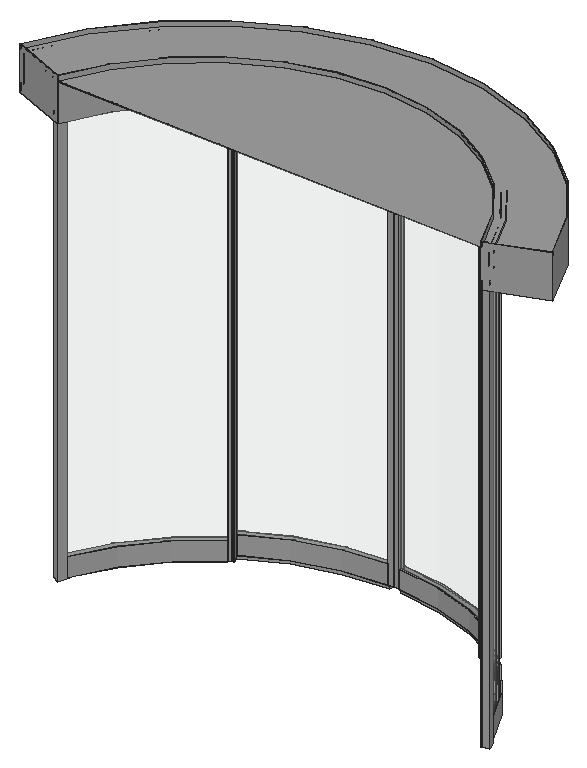
Revit family "agtatec_Record_SldngDrset_RST-ABST-IBST_Curtain Wall Panel", category Curtain Panels, Revit 2015
Parameters (values of type "ABST With Side Panels - 30 mm")
  WithoutSidePanels = not(WithSidePanels)  # no
  WithinStandardSizes = PassageHeight < 3000 mm  # yes
  WithSidePanels = yes
  Weight = "n/a"
  WarrantyStartDate [instance] = "12/31/00 11:59 PM"
  WarrantyGuarantorParts = "Local door manufacturer"
  WarrantyGuarantorLabour = "Local door manufacturer"
  WarrantyDurationUnit = "Depends on country"
  WarrantyDurationParts = "Depends on country"
  WarrantyDurationLabour = "Depends on country"
  WarrantyDescription = "Depends on country"
  WL = STRadius - H  # 438.986 mm
  W = if((asin(A / (2 * (STRadius - STWidth - Distance - TFWidth)))) * 2 + SWAdd > 90.00°, ((90.00° - SWAdd) / 2), (asin(A / (2 * (STRadius - STWidth - Distance - TFWidth)))))  # 32.3924°
  Version = "Version 1.0"
  Uniclass2 = "Ss_25_30_20_77"
  UnderStructure = no
  URL = "www.agta-record.com"
  Type Comments = ""
  TotalHeight = PassageHeight + CanopyHeight  # 2320 mm
  ThresholdStripping = "n/a"
  ThresholdRequired = yes
  ThermalTransmittance = 0
  TagNumber [instance] = "n/a"
  TFWidth = STWidth  # 30 mm
  TFDichtung = STWidth  # 30 mm
  SustainabilityPerformance = "n/a"
  SmokeStop = no
  Size = "XxxXXxXX"
  Shape = "Half-Cylinder Shaped"
  ServiceLifeType = "n/a"
  ServiceLifeDuration = "10-15 years"
  SerialNumber [instance] = "n/a"
  SelfClosing = yes
  SecurityRating = "n/a"
  SafetyDevices = "Optical sensors"
  SWAdd = if(IBST, (TFDichtung + 50 mm) * 180.00° / (pi() * (STRadius - STWidth - Distance - TFWidth)), (TFDichtung + 50 mm) * 180.00° / (pi() * (STRadius + Distance)))  # 3.7571°
  SW = if(IBST, (W + ((TFDichtung + 50 mm) * 180.00° / (pi() * (STRadius - STWidth - Distance - TFWidth)))), if(RST180, (90.00° - W), if(RST360, (90.00° - W), (W + ((TFDichtung + 50 mm) * 180.00° / (pi() * (STRadius + Distance)))))))  # 36.1495°
  STWidth = if(Panel20mm, 20 mm, 30 mm)  # 30 mm
  STRadius = 1200 mm
  Revision = "n/a"
  ReplacementCost = "Depends on the configuration and door type"
  ReferenceStandard = "EN16005, EN16361, DIN 18650, etc."
  Reference = "n/a"
  RST360 = no
  RST180 = no
  ProductionYear = "n/a"
  ProductInformation = "www.agta-record.com"
  Process = "n/a"
  PassageWidthOptions = "contact manufacturer"
  PassageWidth = 1200 mm
  PassageHeight = 2100 mm
  PanelFrames = agtatec_Record_Revolving Door, Aluminium
  Panel30mm = not(Panel20mm)  # yes
  Panel20mm = no
  OperatingTemperature = "n/a"
  OpenDoor = no
  OffsetFromWallCenter [instance] = 0 mm
  OffsetFromWall [instance] = OffsetFromWallCenter + 1000 mm  # 1000 mm
  NominalWidth = 1840.2 mm
  NominalLength = 1840.2 mm
  NominalHeight = TotalHeight  # 2320 mm
  Name = "SldngDrset_ABST Circular-slidingDoor_Generic_Record"
  NBSTypeID = "n/a"
  NBSReference = "25-50-20/175"
  NBSOfficeMasterTag = "n/a"
  NBSNote = "n/a"
  NBSDescription = "Sliding Doorset"
  NBSCertification = "n/a"
  MountingProfile39mm = not(MountingProfile17mm)  # no
  MountingProfile17mm = yes
  ModelReference = "depends on the configuration"
  ModelNumber = "n/a"
  ModelLabel = "n/a"
  Model = "K31"
  MethodOfMeasurement = "n/a"
  Material = "Aluminium"
  ManufacturerURL = "www.agta-record.com"
  ManufacturerName = "record"
  Manufacturer = "info@agta-record.com"
  LeafPanelFill = agtatec_Record_Revolving Door, Laminated Safety Glass (Clear)
  LeafColourOptions = "n/a"
  Keynote = ""
  IssueDate = "<>"
  IsExternal = yes
  InstallationDate [instance] = "12/31/00 11:59 PM"
  Infiltration = "n/a"
  IfcExportType = "Door"
  IfcExportAs = "IFCDoorStyle"
  IBST = no
  HeightUnderCanopyOptions = "2200-3000"
  HasDrive = yes
  HandicapAccessible = no
  H = STRadius * (1 - cos(W + SW))  # 761.014 mm
  Grade = "n/a"
  GlazingAreaFraction = "n/a"
  GlassType = "part of glazing spec"
  GlassThickness3 = 0 mm
  GlassThickness2 = 0 mm
  GlassThickness1 = 0 mm
  GlassLayers = 1
  FrameSeal = yes
  FrameProfile = "Aluminium"
  FrameMaterial = "Aluminium"
  FrameFinishOptions = "Stainless steel and more"
  Flooring = agtatec_Record_Revolving Door, Felt Carpet
  FloorGuide = yes
  FloorChannel = no
  FireRating = "n/a"
  FireExit = no
  Finish = "Powder coated, Anodized, customer specific"
  Features = "Air curtain"
  ExpectedLife = "n/a"
  ElectronicLock = yes
  DurationUnit = "Year"
  DrumWallPanelFill = agtatec_Record_Revolving Door, Laminated Safety Glass (Clear)
  DoorsetOptions = "n/a"
  DoorsetOperation = "automatic"
  DoorsetFasteners = "n/a"
  DoorWingOptions = "3 wings"
  DoorSeal = "n/a"
  DoorNumber = "n/a"
  DoorIncluded = yes
  Documentation = "n/a"
  DocumentReference = "n/a"
  Distance = 20 mm  # constant formula
  DiameterOptions = "n/a"
  Description = "Curved Sliding Door"
  Cost = 0
  Construction Type = "Automatic Revolving Door"
  Constituents = "n/a"
  Configuration = "n/a"
  Colour = "Customer specific"
  CodePerformance = "n/a"
  Category = "Curved Sliding Door"
  Capacity = "n/a"
  CanopyHeightOptions = "200-1000"
  CanopyHeight = 220 mm
  CanopyCovering = agtatec_Record_Revolving Door, Sheet metal (Painted Steel)
  BarCode [instance] = "n/a"
  BIMObjectName = "agtatec_Record_SldngDrset_ABST Circular-slidingDoor_WallBased"
  Author = "agtatec"
  AssetType = "n/a"
  AssetIdentifier [instance] = "n/a"
  Assembly Code = "B2030300"
  AntiFingerTrapRequirement = yes
  AlternativeDoorsetGlazing = "Contact manufacturer"
  AcousticRating = "n/a"
  AccessoryOptions = "Contact manufacturer"
  AccessibilityPerformance = "n/a"
  ABST = yes
  A = if(PassageWidth < 800 mm, 800 mm, if(PassageWidth > 3000 mm, 3000 mm, PassageWidth))  # 1200 mm
Reference planes
  plane 1 "Center (Front/Back)": y = 0
  plane 2: z = 0
  plane 3 "Center (Left/Right)": x = 0
  plane 4 "Left": x = -1060
  plane 5 "Right": x = 1060
  plane 6 "Top": z = 2595
  plane 7: y = -438.986
  plane 8: y = -438.986
  plane 9: y = -1438.986
Text (mm)
  text "Exterior" at (-2351.972, 1416.179, 0), in view "Ref. Level"
  text "Exterior" at (0, 2290.741, 4406.713), in view "Left"
  text "Exterior" at (0, 1328.187, 4120.349), in view "Right"
Dimensions and locks
  equal spacing: plane 4 "Left", plane 3 "Center (Left/Right)", plane 5 "Right"
  "WL": plane 1 "Center (Front/Back)" to plane 7
  locked: plane 7 to plane 9 at 1000
  "OffsetFromWall": plane 8 to plane 9
  aligned and locked: nested 1 to plane 8
Nested families
  nested 1: "RST - Generic" at (0, -438.986, 0), type "Standard"
    with WL 425.817 mm, W 32.3924°, UnderStructure no, SWAdd 3.7571°, SW 36.1495°, STRadiusABSTCanopy 1170 mm, STRadius 1200 mm, PassageWidth 1200 mm, H 761.014 mm, FloorGuide yes, CanopyRoofRadius 1164 mm, A 1200 mm
Definition of nested family "RST - Generic"
  Parameters
    WithoutSidePanels = not(WithSidePanels)  # no
    WithSidePanels = yes
    Width = 0 mm
    WL = (sin(90.00° - W - SW)) * CanopyRoofRadius  # 324.401 mm
    W = if((asin(A / (2 * (STRadius - STWidth - Distance - TFWidth)))) * 2 + SWAdd > 90.00°, ((90.00° - SWAdd) / 2), (asin(A / (2 * (STRadius - STWidth - Distance - TFWidth)))))  # 32.9207°
    UnderStructure = yes
    Thickness = 0 mm
    TFWidth = STWidth  # 30 mm
    TFDichtung = STWidth  # 30 mm
    SWAdd = if(IBST, (TFDichtung + 50 mm) * 180.00° / (pi() * (STRadius - STWidth - Distance - TFWidth)), (TFDichtung + 50 mm) * 180.00° / (pi() * (STRadius + Distance)))  # 4.49379°
    SW = if(IBST, (W + ((TFDichtung + 50 mm) * 180.00° / (pi() * (STRadius - STWidth - Distance - TFWidth)))), if(RST180, (90.00° - W), if(RST360, (90.00° - W), (W + ((TFDichtung + 50 mm) * 180.00° / (pi() * (STRadius + Distance)))))))  # 37.4145°
    STWidth = if(Panel20mm, 20 mm, 30 mm)  # 30 mm
    STRadiusABSTCanopy = STRadius - STWidth  # 970 mm
    STRadius = 1000 mm
    Rough Width = 0 mm
    Rough Height = 0 mm
    RST36030 = and(RST360, STWidth = 30 mm)  # no
    RST36020 = and(RST360, STWidth = 20 mm)  # no
    RST360 = no
    RST18030 = and(RST180, STWidth = 30 mm)  # no
    RST18020 = and(RST180, STWidth = 20 mm)  # no
    RST180 = no
    PassageWidth = 1000 mm
    PassageHeight = 2100 mm
    PanelFrames = none
    Panel30mm = not(Panel20mm)  # yes
    Panel20mm = no
    OpenDoor = no
    MountingProfile39mm = not(MountingProfile17mm)  # no
    MountingProfile17mm = yes
    LeafPanelFill = none
    IBSTWithout30 = and(IBST, WithoutSidePanels, STWidth = 30 mm)  # no
    IBSTWithout20 = and(IBST, WithoutSidePanels, STWidth = 20 mm)  # no
    IBSTWith30 = and(IBST, WithSidePanels, STWidth = 30 mm)  # no
    IBSTWith20 = and(IBST, WithSidePanels, STWidth = 20 mm)  # no
    IBST = no
    Height = 0 mm
    H = STRadius * (1 - cos(W + SW))  # 663.484 mm
    FloorGuide = no
    FloorChannel = no
    Distance = 20 mm
    Construction Type = ""
    CanopyRoofRadius = if(and(IBST, WithSidePanels), STRadius - 300 mm, if(and(ABST, WithSidePanels), STRadius - 36 mm, if(and(IBST, WithoutSidePanels, Panel20mm), STRadius - 297.2 mm, if(and(IBST, WithoutSidePanels, Panel30mm), STRadius - 297 mm, STRadius))))  # 964 mm
    CanopyRoof = or(ABST, IBST)  # yes
    CanopyHeight = 220 mm
    CanopyCovering = none
    Analytic Construction = "<None>"
    ABSTWithout30 = and(ABST, WithoutSidePanels, STWidth = 30 mm)  # no
    ABSTWithout20 = and(ABST, WithoutSidePanels, STWidth = 20 mm)  # no
    ABSTWith30 = and(ABST, WithSidePanels, STWidth = 30 mm)  # yes
    ABSTWith20 = and(ABST, WithSidePanels, STWidth = 20 mm)  # no
    ABST = yes
    A = if(PassageWidth < 800 mm, 800 mm, if(PassageWidth > 3000 mm, 3000 mm, PassageWidth))  # 1000 mm
  Reference planes
    plane 1 "Center (Front/Back)": y = 0
    plane 2: z = 0
    plane 3 "Center (Left/Right)": x = 0
    plane 4: y = 1000
    plane 5: x = 1000
    plane 6: x = 1002
    plane 7: x = -1000
    plane 8: x = -1002
    plane 9: x = 1000
    plane 10: x = 1002
    plane 11: x = -1000
    plane 12: x = -1002
    plane 13 "Passage Height": z = 2100
    plane 14: x = 1000
    plane 15: x = 997
    plane 16: x = -1000
    plane 17: x = -997
    plane 18: x = -1000
    plane 19: x = -997
    plane 20: x = 1000
    plane 21: x = 997
  Forms (mm)
    Sweep 1, solid, material <- "CanopyCovering", visible <- "IBSTWith20"
      path origin (0, 1560, 2100) x (0, 1, 0) y (-1, 0, 0)
        loop
          arc (-1223.484, -941.678) -> (-560, 0) -> (-1223.484, 941.678) r 1000
      profile origin (0, 1000, 2100) x (0, -1, 0) y (0, 0, 1)
        loop
          line (37.306, 178.526) -> (54.3, 178.526) -> (54.3, 193) -> (274.2, 193) -> (274.2, 50) -> (298, 50) -> (298, 5) -> (71.8, 5) -> (71.8, 2) -> (298, 2) -> (298, 0) -> (300, 0) -> (300, 220) -> (298, 220) -> (298, 197) -> (2, 197) -> (2, 220) -> (0, 220) -> (0, 0) -> (2, 0) -> (2, 50) -> (25.8, 50) -> (25.8, 44) -> (23, 44) -> (23, 28) -> (28.8, 28) -> (28.8, 88) -> (25.8, 88) -> (25.8, 106.81) -> (54.318, 106.81) -> (54.318, 121.274) -> (37.281, 121.274) -> (37.306, 115.3) -> (32.8, 115.3) -> (32.8, 184.5) -> (37.306, 184.5) -> (37.306, 178.526)
    Sweep 2, solid, material <- "CanopyCovering", visible <- "IBSTWithout20"
      path origin (0, 1560, 2100) x (0, 1, 0) y (-1, 0, 0)
        loop
          arc (-1223.484, -941.678) -> (-560, 0) -> (-1223.484, 941.678) r 1000
      profile origin (0, 1000, 2100) x (0, -1, 0) y (0, 0, 1)
        loop
          line (34.506, 178.526) -> (51.5, 178.526) -> (51.5, 193) -> (271.4, 193) -> (271.4, 50) -> (295.2, 50) -> (295.2, 5) -> (69, 5) -> (69, 2) -> (295.2, 2) -> (295.2, 0) -> (297.2, 0) -> (297.2, 220) -> (295.2, 220) -> (295.2, 197) -> (23, 197) -> (23, 106.81) -> (51.518, 106.81) -> (51.518, 121.274) -> (34.481, 121.274) -> (34.506, 115.3) -> (30, 115.3) -> (30, 184.5) -> (34.506, 184.5) -> (34.506, 178.526)
        loop
          line (40, 8) -> (38, 8) -> (38, 2) -> (26, 2) -> (26, 20) -> (23, 20) -> (23, 0) -> (40, 0) -> (40, 8)
    Sweep 3, solid, material <- "CanopyCovering", visible <- "IBSTWith30"
      path origin (0, 1560, 2100) x (0, 1, 0) y (-1, 0, 0)
        loop
          arc (-1223.484, -941.678) -> (-560, 0) -> (-1223.484, 941.678) r 1000
      profile origin (0, 1000, 2100) x (0, -1, 0) y (0, 0, 1)
        loop
          line (37.306, 178.526) -> (54.3, 178.526) -> (54.3, 193) -> (274.2, 193) -> (274.2, 50) -> (298, 50) -> (298, 5) -> (91.8, 5) -> (91.8, 2) -> (298, 2) -> (298, 0) -> (300, 0) -> (300, 220) -> (298, 220) -> (298, 197) -> (2, 197) -> (2, 220) -> (0, 220) -> (0, 0) -> (2, 0) -> (2, 50) -> (30.816, 50) -> (33, 44) -> (33, 26) -> (37, 26) -> (37, 44.705) -> (29.8, 64.487) -> (29.8, 106.81) -> (54.318, 106.81) -> (54.318, 121.274) -> (37.281, 121.274) -> (37.306, 115.3) -> (32.8, 115.3) -> (32.8, 184.5) -> (37.306, 184.5) -> (37.306, 178.526)
    Sweep 4, solid, material <- "CanopyCovering", visible <- "IBSTWithout30"
      path origin (0, 1560, 2100) x (0, 1, 0) y (-1, 0, 0)
        loop
          arc (-1223.484, -941.678) -> (-560, 0) -> (-1223.484, 941.678) r 1000
      profile origin (0, 1000, 2100) x (0, -1, 0) y (0, 0, 1)
        loop
          line (34.306, 178.526) -> (51.3, 178.526) -> (51.3, 193) -> (271.2, 193) -> (271.2, 50) -> (295, 50) -> (295, 5) -> (184.7, 5) -> (172.7, 5) -> (78.8, 5) -> (78.8, 2) -> (295, 2) -> (295, 0) -> (297, 0) -> (297, 220) -> (295, 220) -> (295, 197) -> (22.8, 197) -> (22.8, 106.81) -> (51.318, 106.81) -> (51.318, 121.274) -> (34.281, 121.274) -> (34.306, 115.3) -> (29.8, 115.3) -> (29.8, 184.5) -> (34.306, 184.5) -> (34.306, 178.526)
        loop
          line (39.8, 8) -> (37.8, 8) -> (37.8, 2) -> (25.8, 2) -> (25.8, 20) -> (22.8, 20) -> (22.8, 0) -> (39.8, 0) -> (39.8, 8)
    Sweep 5, solid, material <- "CanopyCovering", visible <- "ABSTWith20"
      path origin (0, 1560, 2100) x (0, 1, 0) y (-1, 0, 0)
        loop
          arc (-1233.58, -913.427) -> (-590, 0) -> (-1233.58, 913.427) r 970
      profile origin (0, 970, 2100) x (0, -1, 0) y (0, 0, 1)
        loop
          line (-31.306, 178.526) -> (-31.306, 184.5) -> (-26.8, 184.5) -> (-26.8, 115.3) -> (-31.306, 115.3) -> (-31.281, 121.274) -> (-48.318, 121.274) -> (-48.318, 106.81) -> (-19.8, 106.81) -> (-19.8, 88) -> (-22.8, 88) -> (-22.8, 28) -> (-17, 28) -> (-17, 44) -> (-19.8, 44) -> (-19.8, 50) -> (4, 50) -> (4, 0) -> (6, 0) -> (6, 220) -> (4, 220) -> (4, 197) -> (-292, 197) -> (-292, 220) -> (-294, 220) -> (-294, 0) -> (-292, 0) -> (-292, 2) -> (-65.8, 2) -> (-65.8, 5) -> (-292, 5) -> (-292, 50) -> (-268.2, 50) -> (-268.2, 193) -> (-48.3, 193) -> (-48.3, 178.526) -> (-31.306, 178.526)
    Sweep 6, solid, material <- "CanopyCovering", visible <- "ABSTWith30"
      path origin (0, 1560, 2100) x (0, 1, 0) y (-1, 0, 0)
        loop
          arc (-1233.58, -913.427) -> (-590, 0) -> (-1233.58, 913.427) r 970
      profile origin (0, 970, 2100) x (0, -1, 0) y (0, 0, 1)
        loop
          line (-31.306, 178.526) -> (-31.306, 184.5) -> (-26.8, 184.5) -> (-26.8, 115.3) -> (-31.306, 115.3) -> (-31.281, 121.274) -> (-48.318, 121.274) -> (-48.318, 106.81) -> (-23.8, 106.81) -> (-23.8, 64.487) -> (-31, 44.705) -> (-31, 26) -> (-27, 26) -> (-27, 44) -> (-24.816, 50) -> (4, 50) -> (4, 0) -> (6, 0) -> (6, 220) -> (4, 220) -> (4, 197) -> (-292, 197) -> (-292, 220) -> (-294, 220) -> (-294, 0) -> (-292, 0) -> (-292, 2) -> (-85.8, 2) -> (-85.8, 5) -> (-292, 5) -> (-292, 50) -> (-268.2, 50) -> (-268.2, 193) -> (-48.3, 193) -> (-48.3, 178.526) -> (-31.306, 178.526)
    Sweep 7, solid, material <- "CanopyCovering", visible <- "ABSTWithout20"
      path origin (0, 1560, 2100) x (0, 1, 0) y (-1, 0, 0)
        loop
          arc (-1233.58, -913.427) -> (-590, 0) -> (-1233.58, 913.427) r 970
      profile origin (0, 970, 2100) x (0, -1, 0) y (0, 0, 1)
        loop
          line (-31.506, 178.526) -> (-31.506, 184.5) -> (-27, 184.5) -> (-27, 115.3) -> (-31.506, 115.3) -> (-31.481, 121.274) -> (-48.518, 121.274) -> (-48.518, 106.81) -> (-20, 106.81) -> (-20, 197) -> (-292.2, 197) -> (-292.2, 220) -> (-294.2, 220) -> (-294.2, 0) -> (-292.2, 0) -> (-292.2, 2) -> (-66, 2) -> (-66, 5) -> (-292.2, 5) -> (-292.2, 50) -> (-268.4, 50) -> (-268.4, 193) -> (-48.5, 193) -> (-48.5, 178.526) -> (-31.506, 178.526)
        loop
          line (-37, 8) -> (-37, 0) -> (-20, 0) -> (-20, 20) -> (-23, 20) -> (-23, 2) -> (-35, 2) -> (-35, 8) -> (-37, 8)
    Sweep 8, solid, material <- "CanopyCovering", visible <- "ABSTWithout30"
      path origin (0, 1560, 2100) x (0, 1, 0) y (-1, 0, 0)
        loop
          arc (-1233.58, -913.427) -> (-590, 0) -> (-1233.58, 913.427) r 970
      profile origin (0, 970, 2100) x (0, -1, 0) y (0, 0, 1)
        loop
          line (-41.506, 178.526) -> (-41.506, 184.5) -> (-37, 184.5) -> (-37, 115.3) -> (-41.506, 115.3) -> (-41.481, 121.274) -> (-58.518, 121.274) -> (-58.518, 106.81) -> (-30, 106.81) -> (-30, 197) -> (-302.2, 197) -> (-302.2, 220) -> (-304.2, 220) -> (-304.2, 0) -> (-302.2, 0) -> (-302.2, 2) -> (-86, 2) -> (-86, 5) -> (-179.9, 5) -> (-191.9, 5) -> (-302.2, 5) -> (-302.2, 50) -> (-278.4, 50) -> (-278.4, 193) -> (-58.5, 193) -> (-58.5, 178.526) -> (-41.506, 178.526)
        loop
          line (-47, 8) -> (-47, 0) -> (-30, 0) -> (-30, 20) -> (-33, 20) -> (-33, 2) -> (-45, 2) -> (-45, 8) -> (-47, 8)
    Revolve 9, solid, material <- "CanopyCovering", visible <- "RST18020"
      sketch origin (0, 0, 1500) x (0, 1, 0) y (0, 0, 1)
        loop
          line (962.694, 778.526) -> (962.694, 784.5) -> (967.2, 784.5) -> (967.2, 715.3) -> (962.694, 715.3) -> (962.719, 721.274) -> (945.682, 721.274) -> (945.682, 706.81) -> (974.2, 706.81) -> (974.2, 688) -> (971.2, 688) -> (971.2, 628) -> (977, 628) -> (977, 644) -> (974.2, 644) -> (974.2, 650) -> (998, 650) -> (998, 600) -> (1000, 600) -> (1000, 820) -> (998, 820) -> (998, 797) -> (0, 797) -> (0, 793) -> (945.7, 793) -> (945.7, 778.526) -> (962.694, 778.526)
        loop
          line (0, 605) -> (0, 602) -> (928.2, 602) -> (928.2, 605) -> (0, 605)
        axis (0, 600) -> (0, 820)
      angle from -90 to 90
    Sweep 10, solid, material <- "CanopyCovering", visible <- "RST18020"
      path origin (0, 1560, 2100) x (0, 1, 0) y (-1, 0, 0)
        loop
          line (-1560, -997) -> (-1560, 997)
      profile origin (0, 0, 2100) x (0, -1, 0) y (0, 0, 1)
        loop
          line (-25.8, 197) -> (-25.8, 50) -> (-2, 50) -> (-2, 0) -> (0, 0) -> (0, 220) -> (-2, 220) -> (-2, 197) -> (-25.8, 197)
    Revolve 11, solid, material <- "CanopyCovering", visible <- "RST36020"
      sketch origin (0, 0, 1500) x (0, 1, 0) y (0, 0, 1)
        loop
          line (962.694, 778.526) -> (962.694, 784.5) -> (967.2, 784.5) -> (967.2, 715.3) -> (962.694, 715.3) -> (962.719, 721.274) -> (945.682, 721.274) -> (945.682, 706.81) -> (974.2, 706.81) -> (974.2, 688) -> (971.2, 688) -> (971.2, 628) -> (977, 628) -> (977, 644) -> (974.2, 644) -> (974.2, 650) -> (998, 650) -> (998, 600) -> (1000, 600) -> (1000, 820) -> (998, 820) -> (998, 797) -> (0, 797) -> (0, 793) -> (945.7, 793) -> (945.7, 778.526) -> (962.694, 778.526)
        loop
          line (0, 605) -> (0, 602) -> (928.2, 602) -> (928.2, 605) -> (0, 605)
        axis (0, 600) -> (0, 820)
      angle from 0 to 360
    Sweep 12, solid, material <- "CanopyCovering", visible <- "RST36020"
      path origin (0, 1560, 2100) x (0, 1, 0) y (-1, 0, 0)
        loop
          line (-1560, -1002) -> (-1560, 1002)
      profile origin (0, 0, 2100) x (0, -1, 0) y (0, 0, 1)
        loop
          line (-25.8, 197) -> (-25.8, 50) -> (-2, 50) -> (-2, 0) -> (2, 0) -> (2, 50) -> (25.8, 50) -> (25.8, 197) -> (2, 197) -> (2, 220) -> (-2, 220) -> (-2, 197) -> (-25.8, 197)
    Revolve 13, solid, material <- "CanopyCovering", visible <- "RST36030"
      sketch origin (0, 0, 1500) x (0, 1, 0) y (0, 0, 1)
        loop
          line (945.7, 793) -> (945.7, 778.526) -> (962.694, 778.526) -> (962.694, 784.5) -> (967.2, 784.5) -> (967.2, 715.3) -> (962.694, 715.3) -> (962.719, 721.274) -> (945.682, 721.274) -> (945.682, 706.81) -> (970.2, 706.81) -> (970.2, 664.487) -> (963, 644.705) -> (963, 626) -> (967, 626) -> (967, 644) -> (969.184, 650) -> (998, 650) -> (998, 600) -> (1000, 600) -> (1000, 820) -> (998, 820) -> (998, 797) -> (0, 797) -> (0, 793) -> (945.7, 793)
        loop
          line (0, 605) -> (0, 602) -> (908.2, 602) -> (908.2, 605) -> (0, 605)
        axis (0, 600) -> (0, 820)
      angle from 0 to 360
    Sweep 14, solid, material <- "CanopyCovering", visible <- "RST36030"
      path origin (0, 1560, 2100) x (0, 1, 0) y (-1, 0, 0)
        loop
          line (-1560, -1002) -> (-1560, 1002)
      profile origin (0, 0, 2100) x (0, -1, 0) y (0, 0, 1)
        loop
          line (-25.8, 197) -> (-25.8, 50) -> (-2, 50) -> (-2, 0) -> (2, 0) -> (2, 50) -> (25.8, 50) -> (25.8, 197) -> (2, 197) -> (2, 220) -> (-2, 220) -> (-2, 197) -> (-25.8, 197)
    Revolve 15, solid, material <- "CanopyCovering", visible <- "RST18030"
      sketch origin (0, 0, 1500) x (0, 1, 0) y (0, 0, 1)
        loop
          line (945.7, 793) -> (945.7, 778.526) -> (962.694, 778.526) -> (962.694, 784.5) -> (967.2, 784.5) -> (967.2, 715.3) -> (962.694, 715.3) -> (962.719, 721.274) -> (945.682, 721.274) -> (945.682, 706.81) -> (970.2, 706.81) -> (970.2, 664.487) -> (963, 644.705) -> (963, 626) -> (967, 626) -> (967, 644) -> (969.184, 650) -> (998, 650) -> (998, 600) -> (1000, 600) -> (1000, 820) -> (998, 820) -> (998, 797) -> (0, 797) -> (0, 793) -> (945.7, 793)
        loop
          line (0, 605) -> (0, 602) -> (908.2, 602) -> (908.2, 605) -> (0, 605)
        axis (0, 600) -> (0, 820)
      angle from -90 to 90
    Sweep 16, solid, material <- "CanopyCovering", visible <- "RST18030"
      path origin (0, 1560, 2100) x (0, 1, 0) y (-1, 0, 0)
        loop
          line (-1560, -997) -> (-1560, 997)
      profile origin (0, 0, 2100) x (0, -1, 0) y (0, 0, 1)
        loop
          line (-25.8, 197) -> (-25.8, 50) -> (-2, 50) -> (-2, 0) -> (0, 0) -> (0, 220) -> (-2, 220) -> (-2, 197) -> (-25.8, 197)
    Extrusion 17, solid, material <- "CanopyCovering", visible <- "ABSTWithout30"
      sketch origin (913.427, 326.42, 2100) x (0.941678, 0.336516, 0) y (0, 0, 1)
        loop
          line (30, 220) -> (30, 0) -> (304.2, 0) -> (304.2, 220) -> (30, 220)
      from 0 to 3
    Extrusion 18, solid, material <- "CanopyCovering", visible <- "ABSTWithout30"
      sketch origin (-913.427, 326.42, 2100) x (0, 0, 1) y (-0.941678, 0.336516, 0)
        loop
          line (220, 304.2) -> (0, 304.2) -> (0, 30) -> (220, 30) -> (220, 304.2)
      from 0 to 3
    Extrusion 19, solid, material <- "CanopyCovering", visible <- "ABSTWithout20"
      sketch origin (-913.427, 326.42, 2100) x (0, 0, 1) y (-0.941678, 0.336516, 0)
        loop
          line (220, 294.2) -> (0, 294.2) -> (0, 20) -> (220, 20) -> (220, 294.2)
      from 0 to 3
    Extrusion 20, solid, material <- "CanopyCovering", visible <- "ABSTWithout20"
      sketch origin (913.427, 326.42, 2100) x (0.941678, 0.336516, 0) y (0, 0, 1)
        loop
          line (294.2, 0) -> (294.2, 220) -> (20, 220) -> (20, 0) -> (294.2, 0)
      from 0 to 3
    Extrusion 21, solid, material <- "CanopyCovering", visible <- "ABSTWith30"
      sketch origin (-913.427, 326.42, 2100) x (0, 0, 1) y (-0.941678, 0.336516, 0)
        loop
          line (220, 294) -> (0, 294) -> (0, -6) -> (220, -6) -> (220, 294)
      from 0 to 3
    Extrusion 22, solid, material <- "CanopyCovering", visible <- "ABSTWith30"
      sketch origin (913.427, 326.42, 2100) x (0.941678, 0.336516, 0) y (0, 0, 1)
        loop
          line (-6, 220) -> (-6, 0) -> (294, 0) -> (294, 220) -> (-6, 220)
      from 0 to 3
    Extrusion 23, solid, material <- "CanopyCovering", visible <- "IBSTWithout30"
      sketch origin (-941.678, 336.516, 2100) x (0, 0, 1) y (-0.941678, 0.336516, 0)
        loop
          line (220, -22.8) -> (0, -22.8) -> (0, -297) -> (220, -297) -> (220, -22.8)
      from 0 to 3
    Extrusion 24, solid, material <- "CanopyCovering", visible <- "IBSTWithout30"
      sketch origin (941.678, 336.516, 2100) x (0.941678, 0.336516, 0) y (0, 0, 1)
        loop
          line (-297, 220) -> (-297, 0) -> (-22.8, 0) -> (-22.8, 220) -> (-297, 220)
      from 0 to 3
    Extrusion 25, solid, material <- "CanopyCovering", visible <- "IBSTWith30"
      sketch origin (-941.678, 336.516, 2100) x (0, 0, 1) y (-0.941678, 0.336516, 0)
        loop
          line (220, 0) -> (0, 0) -> (0, -300) -> (220, -300) -> (220, 0)
      from 0 to 3
    Extrusion 26, solid, material <- "CanopyCovering", visible <- "IBSTWith30"
      sketch origin (941.678, 336.516, 2100) x (0.941678, 0.336516, 0) y (0, 0, 1)
        loop
          line (0, 0) -> (0, 220) -> (-300, 220) -> (-300, 0) -> (0, 0)
      from 0 to 3
    Extrusion 27, solid, material <- "CanopyCovering", visible <- "IBSTWith20"
      sketch origin (-941.678, 336.516, 2100) x (0, 0, 1) y (-0.941678, 0.336516, 0)
        loop
          line (220, 0) -> (0, 0) -> (0, -300) -> (220, -300) -> (220, 0)
      from 0 to 3
    Extrusion 28, solid, material <- "CanopyCovering", visible <- "IBSTWith20"
      sketch origin (941.678, 336.516, 2100) x (0.941678, 0.336516, 0) y (0, 0, 1)
        loop
          line (-300, 220) -> (-300, 0) -> (0, 0) -> (0, 220) -> (-300, 220)
      from 0 to 3
    Extrusion 29, solid, material <- "CanopyCovering", visible <- "IBSTWithout20"
      sketch origin (-941.678, 336.516, 2100) x (0, 0, 1) y (-0.941678, 0.336516, 0)
        loop
          line (220, -23) -> (0, -23) -> (0, -297.2) -> (220, -297.2) -> (220, -23)
      from 0 to 3
    Extrusion 30, solid, material <- "CanopyCovering", visible <- "IBSTWithout20"
      sketch origin (941.678, 336.516, 2100) x (0.941678, 0.336516, 0) y (0, 0, 1)
        loop
          line (-297.2, 220) -> (-297.2, 0) -> (-23, 0) -> (-23, 220) -> (-297.2, 220)
      from 0 to 3
    Extrusion 31, solid, material <- "CanopyCovering", visible <- "ABSTWith20"
      sketch origin (-913.427, 326.42, 2100) x (0, 0, 1) y (-0.941678, 0.336516, 0)
        loop
          line (220, 294) -> (0, 294) -> (0, -6) -> (220, -6) -> (220, 294)
      from 0 to 3
    Extrusion 32, solid, material <- "CanopyCovering", visible <- "ABSTWith20"
      sketch origin (913.427, 326.42, 2100) x (0.941678, 0.336516, 0) y (0, 0, 1)
        loop
          line (-6, 220) -> (-6, 0) -> (294, 0) -> (294, 220) -> (-6, 220)
      from 0 to 3
    Extrusion 33, solid, material <- "CanopyCovering", visible <- "CanopyRoof"
      sketch origin (0, 1560, 2100) x (0, 1, 0) y (-1, 0, 0)
        loop
          arc (-1235.599, -907.777) -> (-596, 0) -> (-1235.599, 907.777) r 964
          line (-1235.599, 907.777) -> (-1235.599, -907.777)
      from 193 to 197
  Cuts and joins
    joined: Revolve 9, Sweep 10
    joined: Revolve 11, Sweep 12
    joined: Revolve 13, Sweep 14
    joined: Revolve 15, Sweep 16
  Lines and regions (mm)
    reference lines
      curve 1: arc (941.678, 336.516, 0) -> (0, 1000, 0) -> (-941.678, 336.516, 0) r 1000
      curve 2: line (0, 0, 0) -> (543.478, 839.423, 0)
      curve 3: line (-543.478, 839.423, 0) -> (0, 0, 0)
      curve 4: line (941.678, 336.516, 0) -> (0, 0, 0)
      curve 5: line (-941.678, 336.516, 0) -> (0, 0, 0)
      curve 6: arc (913.427, 326.42, 0) -> (0, 970, 0) -> (-913.427, 326.42, 0) r 970
  Dimensions and locks
    "CanopyHeight": Sweep 1 sketch curve to profile plane  (x2)
    "CanopyHeight": Sweep 2 sketch curve to profile plane
    "STRadius": plane 1 "Center (Front/Back)" to plane 4
    "CanopyHeight": Sweep 3 sketch curve to profile plane  (x2)
    "CanopyHeight": Sweep 4 sketch curve to profile plane
    "CanopyHeight": Sweep 5 sketch curve to profile plane  (x2)
    "CanopyHeight": Sweep 6 sketch curve to profile plane  (x2)
    "CanopyHeight": Sweep 7 sketch curve to profile plane
    "CanopyHeight": Sweep 8 sketch curve to profile plane
    "CanopyHeight": Sweep 10 sketch curve to profile plane
    "CanopyHeight": Sweep 12 sketch curve to profile plane
    locked: plane 8 to plane 7 at 2
    locked: plane 5 to plane 6 at 2
    "STRadius": plane 3 "Center (Left/Right)" to plane 5
    "STRadius": plane 7 to plane 3 "Center (Left/Right)"
    "CanopyHeight": Sweep 14 sketch curve to profile plane
    locked: plane 12 to plane 11 at 2
    locked: plane 9 to plane 10 at 2
    "STRadius": plane 3 "Center (Left/Right)" to plane 9
    "STRadius": plane 11 to plane 3 "Center (Left/Right)"
    "CanopyHeight": Sweep 16 sketch curve to profile plane
    locked: Sweep 8 sketch curve to profile plane at 197
    "PassageHeight": plane 13 "Passage Height" to level
    locked: Sweep 7 sketch curve to profile plane at 197
    locked: Sweep 6 sketch curve to profile plane at 197
    locked: Sweep 5 sketch curve to profile plane at 197
    locked: Sweep 3 sketch curve to profile plane at 197
    locked: Sweep 4 sketch curve to profile plane at 197
    locked: Sweep 2 sketch curve to profile plane at 197
    locked: Sweep 1 sketch curve to profile plane at 197
    locked: Sweep 16 sketch curve to profile plane at 197
    "CanopyHeight": Revolve 15 sketch curve to plane 13 "Passage Height"
    locked: Revolve 15 sketch curve to plane 13 "Passage Height" at 197
    locked: Sweep 10 sketch curve to profile plane at 197
    "CanopyHeight": Revolve 9 sketch curve to plane 13 "Passage Height"
    locked: Revolve 9 sketch curve to plane 13 "Passage Height" at 197
    "CanopyHeight": Revolve 13 sketch curve to plane 13 "Passage Height"
    locked: Revolve 13 sketch curve to plane 13 "Passage Height" at 197
    "CanopyHeight": Revolve 11 sketch curve to plane 13 "Passage Height"
    locked: Revolve 11 sketch curve to plane 13 "Passage Height" at 197
    locked: plane 15 to plane 14 at 3
    locked: plane 17 to plane 16 at 3
    "STRadius": plane 3 "Center (Left/Right)" to plane 14
    "STRadius": plane 16 to plane 3 "Center (Left/Right)"
    locked: plane 18 to plane 19 at 3
    locked: plane 20 to plane 21 at 3
    "STRadius": plane 18 to plane 3 "Center (Left/Right)"
    "STRadius": plane 3 "Center (Left/Right)" to plane 20
    "WL": plane 1 "Center (Front/Back)" to Extrusion 33 sketch curve
    "STRadius": radius of curve 1
    "STRadiusABSTCanopy": radius of curve 6
    "CanopyRoofRadius": radius of Extrusion 33 sketch curve
    "W": angle curve 2 to plane 3 "Center (Left/Right)"
    "W": angle plane 3 "Center (Left/Right)" to curve 3
    "SW": angle curve 4 to curve 2
    "SW": angle curve 3 to curve 5
    aligned and locked: level to plane 2
    aligned and locked: plane 3 "Center (Left/Right)" to curve 4
    aligned and locked: plane 1 "Center (Front/Back)" to curve 4
    aligned and locked: Sweep 1 sketch curve to curve 1
    aligned and locked: Sweep 1 sketch curve to curve 5
    aligned and locked: Sweep 1 sketch curve to curve 4
    aligned and locked: Sweep 2 sketch curve to curve 1
    aligned and locked: Sweep 2 sketch curve to curve 5
    aligned and locked: Sweep 2 sketch curve to curve 4
    aligned and locked: Sweep 3 sketch curve to curve 1
    aligned and locked: Sweep 3 sketch curve to curve 5
    aligned and locked: Sweep 3 sketch curve to curve 4
    aligned and locked: Sweep 4 sketch curve to curve 1
    aligned and locked: Sweep 4 sketch curve to curve 5
    aligned and locked: Sweep 4 sketch curve to curve 4
    aligned and locked: Sweep 5 sketch curve to curve 6
    aligned and locked: curve 4 to Sweep 5 sketch curve
    aligned and locked: curve 5 to Sweep 5 sketch curve
    aligned and locked: Sweep 6 sketch curve to curve 6
    aligned and locked: curve 4 to Sweep 6 sketch curve
    aligned and locked: curve 5 to Sweep 6 sketch curve
    aligned and locked: Sweep 7 sketch curve to curve 6
    aligned and locked: curve 4 to Sweep 7 sketch curve
    aligned and locked: curve 5 to Sweep 7 sketch curve
    aligned and locked: Sweep 8 sketch curve to curve 6
    aligned and locked: curve 4 to Sweep 8 sketch curve
    aligned and locked: curve 5 to Sweep 8 sketch curve
    aligned and locked: Revolve 9 sketch curve to plane 1 "Center (Front/Back)"
    aligned and locked: Sweep 10 sketch curve to plane 1 "Center (Front/Back)"
    aligned and locked: plane 1 "Center (Front/Back)" to Revolve 11 sketch curve
    aligned and locked: Sweep 12 sketch curve to plane 1 "Center (Front/Back)"
    aligned and locked: Sweep 12 sketch curve to plane 8
    aligned and locked: plane 6 to Sweep 12 sketch curve
    aligned and locked: Sweep 14 sketch curve to plane 12
    aligned and locked: plane 10 to Sweep 14 sketch curve
    aligned and locked: plane 3 "Center (Left/Right)" to nested 1
    aligned and locked: plane 1 "Center (Front/Back)" to nested 1
    aligned and locked: plane 3 "Center (Left/Right)" to nested 2
    aligned and locked: nested 2 to plane 1 "Center (Front/Back)"
    aligned and locked: nested 3 to plane 3 "Center (Left/Right)"
    aligned and locked: nested 4 to plane 1 "Center (Front/Back)"
    aligned and locked: plane 1 "Center (Front/Back)" to nested 3
    aligned and locked: nested 4 to plane 3 "Center (Left/Right)"
    aligned and locked: Sweep 16 sketch curve to plane 17
    aligned and locked: plane 15 to Sweep 16 sketch curve
    aligned and locked: Sweep 10 sketch curve to plane 21
    aligned and locked: plane 19 to Sweep 10 sketch curve
    aligned and locked: Extrusion 17 sketch curve to Sweep 8  (x4)
    aligned and locked: Extrusion 18 sketch curve to Sweep 8  (x2)
    aligned and locked: Sweep 8 to Extrusion 18 sketch curve  (x2)
    aligned and locked: Extrusion 19 sketch curve to Sweep 7  (x2)
    aligned and locked: Sweep 7 to Extrusion 19 sketch curve  (x2)
    aligned and locked: Extrusion 20 sketch curve to Sweep 7  (x4)
    aligned and locked: Extrusion 21 sketch curve to Sweep 6  (x2)
    aligned and locked: Sweep 6 to Extrusion 21 sketch curve  (x2)
    aligned and locked: Extrusion 22 sketch curve to Sweep 6  (x4)
    aligned and locked: Extrusion 23 sketch curve to Sweep 4  (x2)
    aligned and locked: Sweep 4 to Extrusion 23 sketch curve  (x2)
    aligned and locked: Extrusion 24 sketch curve to Sweep 4  (x4)
    aligned and locked: Extrusion 25 sketch curve to Sweep 3  (x2)
    aligned and locked: Sweep 3 to Extrusion 25 sketch curve  (x2)
    aligned and locked: Extrusion 26 sketch curve to Sweep 3  (x4)
    aligned and locked: Extrusion 27 sketch curve to Sweep 1  (x2)
    aligned and locked: Sweep 1 to Extrusion 27 sketch curve  (x2)
    aligned and locked: Extrusion 28 sketch curve to Sweep 1  (x4)
    aligned and locked: Extrusion 29 sketch curve to Sweep 2  (x2)
    aligned and locked: Sweep 2 to Extrusion 29 sketch curve  (x2)
    aligned and locked: Extrusion 30 sketch curve to Sweep 2  (x3)
    aligned and locked: Sweep 2 to Extrusion 30 sketch curve
    aligned and locked: Extrusion 31 sketch curve to Sweep 5  (x2)
    aligned and locked: Sweep 5 to Extrusion 31 sketch curve  (x2)
    aligned and locked: Extrusion 32 sketch curve to Sweep 5  (x4)
  Automatic sketch dimensions
    curve 1 to curve 6 = 0 mm  (x2)
    plane 1 "Center (Front/Back)" to curve 6 = 0 mm
    curve 6 to plane 3 "Center (Left/Right)" = 0 mm
    Sweep 1 sketch curve to profile plane = 0 mm  (x3)
    Sweep 1 sketch curve to Sweep 1 sketch curve = 2 mm  (x3)
    Sweep 1 sketch curve to profile plane = 23 mm
    Sweep 1 sketch curve to profile plane = 25.8 mm
    Sweep 1 sketch curve to Sweep 1 sketch curve = 2.8 mm
    Sweep 1 sketch curve to Sweep 1 sketch curve = 5.8 mm
    Sweep 1 sketch curve to profile plane = 32.8 mm
    Sweep 1 sketch curve to Sweep 1 sketch curve = 4.481 mm
    Sweep 1 sketch curve to Sweep 1 sketch curve = 4.506 mm  (x2)
    Sweep 1 sketch curve to Sweep 1 sketch curve = 16.994 mm
    Sweep 1 sketch curve to Sweep 1 sketch curve = 17.037 mm
    profile plane to Sweep 1 sketch curve = 2 mm
    Sweep 1 sketch curve to Sweep 1 sketch curve = 43 mm
    profile plane to Sweep 1 sketch curve = 50 mm
    Sweep 1 sketch curve to Sweep 1 sketch curve = 202.4 mm
    profile plane to Sweep 1 sketch curve = 5 mm
    Sweep 1 sketch curve to Sweep 1 sketch curve = 23.8 mm  (x2)
    Sweep 1 sketch curve to Sweep 1 sketch curve = 0 mm
    profile plane to Sweep 1 sketch curve = 28 mm
    Sweep 1 sketch curve to Sweep 1 sketch curve = 16 mm
    Sweep 1 sketch curve to Sweep 1 sketch curve = 6 mm
    Sweep 1 sketch curve to Sweep 1 sketch curve = 38 mm
    Sweep 1 sketch curve to Sweep 1 sketch curve = 18.81 mm
    Sweep 1 sketch curve to Sweep 1 sketch curve = 8.49 mm
    Sweep 1 sketch curve to Sweep 1 sketch curve = 14.464 mm
    Sweep 1 sketch curve to Sweep 1 sketch curve = 18.474 mm
    Sweep 1 sketch curve to Sweep 1 sketch curve = 5.974 mm
    Sweep 1 sketch curve to Sweep 1 sketch curve = 4 mm
    Sweep 2 sketch curve to profile plane = 0 mm  (x2)
    Sweep 2 sketch curve to profile plane = 23 mm  (x2)
    Sweep 2 sketch curve to Sweep 2 sketch curve = 3 mm
    Sweep 2 sketch curve to Sweep 2 sketch curve = 7 mm
    Sweep 2 sketch curve to Sweep 2 sketch curve = 4.481 mm
    Sweep 2 sketch curve to Sweep 2 sketch curve = 4.506 mm  (x2)
    Sweep 2 sketch curve to Sweep 2 sketch curve = 12 mm
    Sweep 2 sketch curve to Sweep 2 sketch curve = 2 mm  (x2)
    Sweep 2 sketch curve to Sweep 2 sketch curve = 16.994 mm
    Sweep 2 sketch curve to Sweep 2 sketch curve = 17.012 mm
    profile plane to Sweep 2 sketch curve = 5 mm
    Sweep 2 sketch curve to Sweep 2 sketch curve = 29 mm
    profile plane to Sweep 2 sketch curve = 50 mm
    Sweep 2 sketch curve to Sweep 2 sketch curve = 202.4 mm
    Sweep 2 sketch curve to Sweep 2 sketch curve = 23.8 mm  (x3)
    profile plane to Sweep 2 sketch curve = 2 mm  (x2)
    Sweep 2 sketch curve to Sweep 2 sketch curve = 6 mm
    Sweep 2 sketch curve to Sweep 2 sketch curve = 18 mm
    Sweep 2 sketch curve to Sweep 2 sketch curve = 86.81 mm
    Sweep 2 sketch curve to Sweep 2 sketch curve = 8.49 mm
    Sweep 2 sketch curve to Sweep 2 sketch curve = 14.464 mm
    Sweep 2 sketch curve to Sweep 2 sketch curve = 18.474 mm
    Sweep 2 sketch curve to Sweep 2 sketch curve = 5.974 mm
    Sweep 2 sketch curve to Sweep 2 sketch curve = 14.474 mm
    Sweep 3 sketch curve to profile plane = 0 mm  (x3)
    Sweep 3 sketch curve to profile plane = 2 mm  (x2)
    Sweep 3 sketch curve to profile plane = 29.8 mm
    Sweep 3 sketch curve to Sweep 3 sketch curve = 1.016 mm
    Sweep 3 sketch curve to profile plane = 32.8 mm
    Sweep 3 sketch curve to Sweep 3 sketch curve = 2.184 mm
    Sweep 3 sketch curve to Sweep 3 sketch curve = 4 mm
    Sweep 3 sketch curve to Sweep 3 sketch curve = 4.481 mm
    Sweep 3 sketch curve to Sweep 3 sketch curve = 4.506 mm  (x2)
    Sweep 3 sketch curve to Sweep 3 sketch curve = 16.994 mm
    Sweep 3 sketch curve to Sweep 3 sketch curve = 17.037 mm
    profile plane to Sweep 3 sketch curve = 2 mm
    Sweep 3 sketch curve to Sweep 3 sketch curve = 54.8 mm
    profile plane to Sweep 3 sketch curve = 50 mm
    Sweep 3 sketch curve to Sweep 3 sketch curve = 182.4 mm
    Sweep 3 sketch curve to Sweep 3 sketch curve = 23.8 mm  (x3)
    Sweep 3 sketch curve to Sweep 3 sketch curve = 2 mm
    Sweep 3 sketch curve to Sweep 3 sketch curve = 3 mm
    profile plane to Sweep 3 sketch curve = 26 mm
    Sweep 3 sketch curve to Sweep 3 sketch curve = 18 mm
    Sweep 3 sketch curve to Sweep 3 sketch curve = 0.705 mm
    Sweep 3 sketch curve to Sweep 3 sketch curve = 6 mm
    Sweep 3 sketch curve to Sweep 3 sketch curve = 14.487 mm
    Sweep 3 sketch curve to Sweep 3 sketch curve = 42.323 mm
    Sweep 3 sketch curve to Sweep 3 sketch curve = 8.49 mm
    Sweep 3 sketch curve to Sweep 3 sketch curve = 5.974 mm  (x2)
    Sweep 3 sketch curve to Sweep 3 sketch curve = 18.474 mm
    Sweep 3 sketch curve to Sweep 3 sketch curve = 14.474 mm
    Sweep 4 sketch curve to profile plane = 0 mm  (x2)
    Sweep 4 sketch curve to profile plane = 22.8 mm  (x2)
    Sweep 4 sketch curve to Sweep 4 sketch curve = 3 mm
    Sweep 4 sketch curve to Sweep 4 sketch curve = 7 mm
    Sweep 4 sketch curve to Sweep 4 sketch curve = 4.481 mm
    Sweep 4 sketch curve to Sweep 4 sketch curve = 4.506 mm  (x2)
    Sweep 4 sketch curve to Sweep 4 sketch curve = 12 mm  (x3)
    Sweep 4 sketch curve to Sweep 4 sketch curve = 2 mm  (x2)
    Sweep 4 sketch curve to Sweep 4 sketch curve = 16.994 mm
    Sweep 4 sketch curve to Sweep 4 sketch curve = 17.037 mm
    profile plane to Sweep 4 sketch curve = 2 mm  (x2)
    Sweep 4 sketch curve to Sweep 4 sketch curve = 39 mm
    profile plane to Sweep 4 sketch curve = 5 mm
    Sweep 4 sketch curve to Sweep 4 sketch curve = 93.9 mm
    Sweep 4 sketch curve to Sweep 4 sketch curve = 86.5 mm
    Sweep 4 sketch curve to Sweep 4 sketch curve = 23.8 mm  (x3)
    Sweep 4 sketch curve to Sweep 4 sketch curve = 6 mm
    Sweep 4 sketch curve to Sweep 4 sketch curve = 45 mm
    Sweep 4 sketch curve to Sweep 4 sketch curve = 86.81 mm
    Sweep 4 sketch curve to Sweep 4 sketch curve = 8.49 mm
    Sweep 4 sketch curve to Sweep 4 sketch curve = 14.464 mm
    Sweep 4 sketch curve to Sweep 4 sketch curve = 18.474 mm
    Sweep 4 sketch curve to Sweep 4 sketch curve = 5.974 mm
    Sweep 4 sketch curve to Sweep 4 sketch curve = 4 mm
    Sweep 5 sketch curve to profile plane = 0 mm  (x2)
    profile plane to Sweep 5 sketch curve = 294 mm
    Sweep 5 sketch curve to Sweep 5 sketch curve = 2 mm  (x3)
    Sweep 5 sketch curve to Sweep 5 sketch curve = 0 mm
    Sweep 5 sketch curve to Sweep 5 sketch curve = 23.8 mm
    profile plane to Sweep 5 sketch curve = 5 mm
    profile plane to Sweep 5 sketch curve = 65.8 mm
    profile plane to Sweep 5 sketch curve = 48.318 mm
    profile plane to Sweep 5 sketch curve = 48.3 mm
    Sweep 5 sketch curve to Sweep 5 sketch curve = 16.994 mm
    Sweep 5 sketch curve to Sweep 5 sketch curve = 17.012 mm
    Sweep 5 sketch curve to Sweep 5 sketch curve = 0.025 mm
    Sweep 5 sketch curve to Sweep 5 sketch curve = 4.506 mm
    profile plane to Sweep 5 sketch curve = 22.8 mm
    Sweep 5 sketch curve to Sweep 5 sketch curve = 3 mm
    profile plane to Sweep 5 sketch curve = 19.8 mm
    Sweep 5 sketch curve to Sweep 5 sketch curve = 2.8 mm
    Sweep 5 sketch curve to profile plane = 4 mm  (x2)
    profile plane to Sweep 5 sketch curve = 2 mm
    profile plane to Sweep 5 sketch curve = 28 mm
    Sweep 5 sketch curve to Sweep 5 sketch curve = 16 mm
    Sweep 5 sketch curve to Sweep 5 sketch curve = 6 mm
    Sweep 5 sketch curve to Sweep 5 sketch curve = 45 mm
    Sweep 5 sketch curve to Sweep 5 sketch curve = 38 mm
    Sweep 5 sketch curve to Sweep 5 sketch curve = 18.81 mm
    Sweep 5 sketch curve to Sweep 5 sketch curve = 8.49 mm
    Sweep 5 sketch curve to Sweep 5 sketch curve = 14.464 mm
    Sweep 5 sketch curve to Sweep 5 sketch curve = 18.474 mm
    Sweep 5 sketch curve to Sweep 5 sketch curve = 5.974 mm
    Sweep 5 sketch curve to Sweep 5 sketch curve = 4 mm
    Sweep 6 sketch curve to profile plane = 0 mm  (x2)
    profile plane to Sweep 6 sketch curve = 294 mm
    Sweep 6 sketch curve to Sweep 6 sketch curve = 2 mm  (x3)
    Sweep 6 sketch curve to Sweep 6 sketch curve = 0 mm
    Sweep 6 sketch curve to Sweep 6 sketch curve = 23.8 mm
    profile plane to Sweep 6 sketch curve = 5 mm
    profile plane to Sweep 6 sketch curve = 85.8 mm
    profile plane to Sweep 6 sketch curve = 48.318 mm
    profile plane to Sweep 6 sketch curve = 48.3 mm
    Sweep 6 sketch curve to Sweep 6 sketch curve = 16.994 mm
    Sweep 6 sketch curve to Sweep 6 sketch curve = 17.012 mm
    Sweep 6 sketch curve to Sweep 6 sketch curve = 0.025 mm
    profile plane to Sweep 6 sketch curve = 31 mm
    Sweep 6 sketch curve to Sweep 6 sketch curve = 4 mm
    Sweep 6 sketch curve to Sweep 6 sketch curve = 4.506 mm
    Sweep 6 sketch curve to Sweep 6 sketch curve = 2.184 mm
    Sweep 6 sketch curve to Sweep 6 sketch curve = 3 mm
    Sweep 6 sketch curve to profile plane = 4 mm  (x2)
    profile plane to Sweep 6 sketch curve = 2 mm
    profile plane to Sweep 6 sketch curve = 26 mm
    Sweep 6 sketch curve to Sweep 6 sketch curve = 18 mm
    Sweep 6 sketch curve to Sweep 6 sketch curve = 0.705 mm
    profile plane to Sweep 6 sketch curve = 50 mm
    Sweep 6 sketch curve to Sweep 6 sketch curve = 6 mm
    Sweep 6 sketch curve to Sweep 6 sketch curve = 14.487 mm
    Sweep 6 sketch curve to Sweep 6 sketch curve = 42.323 mm
    Sweep 6 sketch curve to Sweep 6 sketch curve = 8.49 mm
    Sweep 6 sketch curve to Sweep 6 sketch curve = 5.974 mm  (x2)
    Sweep 6 sketch curve to Sweep 6 sketch curve = 18.474 mm
    Sweep 6 sketch curve to Sweep 6 sketch curve = 14.474 mm
    Sweep 7 sketch curve to profile plane = 0 mm  (x2)
    profile plane to Sweep 7 sketch curve = 294.2 mm
    Sweep 7 sketch curve to Sweep 7 sketch curve = 2 mm  (x3)
    Sweep 7 sketch curve to Sweep 7 sketch curve = 0 mm
    Sweep 7 sketch curve to Sweep 7 sketch curve = 23.8 mm
    profile plane to Sweep 7 sketch curve = 5 mm
    profile plane to Sweep 7 sketch curve = 66 mm
    profile plane to Sweep 7 sketch curve = 48.518 mm
    profile plane to Sweep 7 sketch curve = 48.5 mm
    profile plane to Sweep 7 sketch curve = 8 mm
    Sweep 7 sketch curve to Sweep 7 sketch curve = 29 mm
    Sweep 7 sketch curve to Sweep 7 sketch curve = 16.994 mm
    Sweep 7 sketch curve to Sweep 7 sketch curve = 17.012 mm
    Sweep 7 sketch curve to Sweep 7 sketch curve = 0.025 mm
    Sweep 7 sketch curve to Sweep 7 sketch curve = 4.506 mm
    Sweep 7 sketch curve to Sweep 7 sketch curve = 12 mm
    Sweep 7 sketch curve to Sweep 7 sketch curve = 7 mm
    Sweep 7 sketch curve to Sweep 7 sketch curve = 3 mm
    profile plane to Sweep 7 sketch curve = 2 mm  (x2)
    Sweep 7 sketch curve to Sweep 7 sketch curve = 18 mm
    Sweep 7 sketch curve to Sweep 7 sketch curve = 45 mm
    Sweep 7 sketch curve to Sweep 7 sketch curve = 86.81 mm
    Sweep 7 sketch curve to Sweep 7 sketch curve = 8.49 mm
    Sweep 7 sketch curve to Sweep 7 sketch curve = 14.464 mm
    Sweep 7 sketch curve to Sweep 7 sketch curve = 18.474 mm
    Sweep 7 sketch curve to Sweep 7 sketch curve = 5.974 mm
    Sweep 7 sketch curve to Sweep 7 sketch curve = 14.474 mm
    Sweep 8 sketch curve to profile plane = 0 mm  (x2)
    profile plane to Sweep 8 sketch curve = 304.2 mm
    Sweep 8 sketch curve to Sweep 8 sketch curve = 2 mm  (x3)
    Sweep 8 sketch curve to Sweep 8 sketch curve = 0 mm
    Sweep 8 sketch curve to Sweep 8 sketch curve = 23.8 mm
    profile plane to Sweep 8 sketch curve = 5 mm
    Sweep 8 sketch curve to Sweep 8 sketch curve = 86.5 mm
    Sweep 8 sketch curve to Sweep 8 sketch curve = 12 mm  (x3)
    profile plane to Sweep 8 sketch curve = 86 mm
    profile plane to Sweep 8 sketch curve = 58.518 mm
    profile plane to Sweep 8 sketch curve = 58.5 mm
    profile plane to Sweep 8 sketch curve = 8 mm
    Sweep 8 sketch curve to Sweep 8 sketch curve = 39 mm
    Sweep 8 sketch curve to Sweep 8 sketch curve = 16.994 mm
    Sweep 8 sketch curve to Sweep 8 sketch curve = 17.012 mm
    Sweep 8 sketch curve to Sweep 8 sketch curve = 0.025 mm
    Sweep 8 sketch curve to Sweep 8 sketch curve = 4.506 mm
    Sweep 8 sketch curve to Sweep 8 sketch curve = 7 mm
    Sweep 8 sketch curve to Sweep 8 sketch curve = 3 mm
    profile plane to Sweep 8 sketch curve = 2 mm  (x2)
    Sweep 8 sketch curve to Sweep 8 sketch curve = 45 mm
    Sweep 8 sketch curve to Sweep 8 sketch curve = 86.81 mm
    Sweep 8 sketch curve to Sweep 8 sketch curve = 8.49 mm
    Sweep 8 sketch curve to Sweep 8 sketch curve = 14.464 mm
    Sweep 8 sketch curve to Sweep 8 sketch curve = 18.474 mm
    Sweep 8 sketch curve to Sweep 8 sketch curve = 5.974 mm
    Sweep 8 sketch curve to Sweep 8 sketch curve = 4 mm
    Revolve 9 sketch curve to plane 1 "Center (Front/Back)" = 0 mm  (x2)
    Revolve 9 sketch curve to plane 13 "Passage Height" = 0 mm  (x2)
    Revolve 9 sketch curve to plane 4 = 0 mm
    plane 13 "Passage Height" to Revolve 9 sketch curve = 2 mm
    Revolve 9 sketch curve to plane 4 = 71.8 mm
    Revolve 9 sketch curve to plane 4 = 54.318 mm
    Revolve 9 sketch curve to plane 4 = 54.3 mm
    Revolve 9 sketch curve to Revolve 9 sketch curve = 17.012 mm
    Revolve 9 sketch curve to Revolve 9 sketch curve = 16.994 mm
    Revolve 9 sketch curve to Revolve 9 sketch curve = 0.025 mm
    Revolve 9 sketch curve to Revolve 9 sketch curve = 4.506 mm
    Revolve 9 sketch curve to plane 4 = 28.8 mm
    Revolve 9 sketch curve to Revolve 9 sketch curve = 3 mm  (x3)
    Revolve 9 sketch curve to Revolve 9 sketch curve = 5.8 mm
    Revolve 9 sketch curve to plane 4 = 2 mm  (x2)
    plane 13 "Passage Height" to Revolve 9 sketch curve = 28 mm
    Revolve 9 sketch curve to Revolve 9 sketch curve = 16 mm
    Revolve 9 sketch curve to Revolve 9 sketch curve = 6 mm
    Revolve 9 sketch curve to Revolve 9 sketch curve = 38 mm
    Revolve 9 sketch curve to Revolve 9 sketch curve = 18.81 mm
    Revolve 9 sketch curve to Revolve 9 sketch curve = 8.49 mm
    Revolve 9 sketch curve to Revolve 9 sketch curve = 14.464 mm
    Revolve 9 sketch curve to Revolve 9 sketch curve = 18.474 mm
    Revolve 9 sketch curve to Revolve 9 sketch curve = 5.974 mm
    Revolve 9 sketch curve to Revolve 9 sketch curve = 4 mm
    Revolve 9 sketch curve to Revolve 9 sketch curve = 0 mm
    Sweep 10 sketch curve to profile plane = 0 mm  (x2)
    profile plane to Sweep 10 sketch curve = 2 mm  (x2)
    Sweep 10 sketch curve to Sweep 10 sketch curve = 23.8 mm
    profile plane to Sweep 10 sketch curve = 50 mm
    Revolve 11 sketch curve to plane 1 "Center (Front/Back)" = 0 mm  (x2)
    Revolve 11 sketch curve to plane 13 "Passage Height" = 0 mm  (x2)
    Revolve 11 sketch curve to plane 4 = 0 mm
    plane 13 "Passage Height" to Revolve 11 sketch curve = 2 mm
    Revolve 11 sketch curve to plane 4 = 71.8 mm
    Revolve 11 sketch curve to plane 4 = 54.318 mm
    Revolve 11 sketch curve to plane 4 = 54.3 mm
    Revolve 11 sketch curve to Revolve 11 sketch curve = 17.012 mm
    Revolve 11 sketch curve to Revolve 11 sketch curve = 16.994 mm
    Revolve 11 sketch curve to Revolve 11 sketch curve = 0.025 mm
    Revolve 11 sketch curve to Revolve 11 sketch curve = 4.506 mm
    Revolve 11 sketch curve to plane 4 = 28.8 mm
    Revolve 11 sketch curve to Revolve 11 sketch curve = 3 mm  (x3)
    Revolve 11 sketch curve to Revolve 11 sketch curve = 5.8 mm
    Revolve 11 sketch curve to plane 4 = 2 mm  (x2)
    plane 13 "Passage Height" to Revolve 11 sketch curve = 28 mm
    Revolve 11 sketch curve to Revolve 11 sketch curve = 16 mm
    Revolve 11 sketch curve to Revolve 11 sketch curve = 6 mm
    Revolve 11 sketch curve to Revolve 11 sketch curve = 38 mm
    Revolve 11 sketch curve to Revolve 11 sketch curve = 18.81 mm
    Revolve 11 sketch curve to Revolve 11 sketch curve = 8.49 mm
    Revolve 11 sketch curve to Revolve 11 sketch curve = 14.464 mm
    Revolve 11 sketch curve to Revolve 11 sketch curve = 18.474 mm
    Revolve 11 sketch curve to Revolve 11 sketch curve = 5.974 mm
    Revolve 11 sketch curve to Revolve 11 sketch curve = 4 mm
    Revolve 11 sketch curve to Revolve 11 sketch curve = 0 mm
    Sweep 12 sketch curve to profile plane = 0 mm
    profile plane to Sweep 12 sketch curve = 25.8 mm
    profile plane to Sweep 12 sketch curve = 2 mm  (x2)
    Sweep 12 sketch curve to profile plane = 2 mm  (x2)
    Sweep 12 sketch curve to Sweep 12 sketch curve = 23.8 mm
    Sweep 12 sketch curve to Sweep 12 sketch curve = 50 mm
    Sweep 12 sketch curve to Sweep 12 sketch curve = 0 mm  (x2)
    Sweep 12 sketch curve to Sweep 12 sketch curve = 23 mm
    Revolve 13 sketch curve to plane 1 "Center (Front/Back)" = 0 mm  (x3)
    Revolve 13 sketch curve to plane 13 "Passage Height" = 0 mm  (x2)
    Revolve 13 sketch curve to plane 4 = 0 mm
    plane 13 "Passage Height" to Revolve 13 sketch curve = 2 mm
    Revolve 13 sketch curve to plane 4 = 91.8 mm
    Revolve 13 sketch curve to plane 4 = 54.318 mm
    Revolve 13 sketch curve to plane 4 = 54.3 mm
    Revolve 13 sketch curve to Revolve 13 sketch curve = 16.994 mm
    Revolve 13 sketch curve to Revolve 13 sketch curve = 17.012 mm
    Revolve 13 sketch curve to Revolve 13 sketch curve = 0.025 mm
    Revolve 13 sketch curve to plane 4 = 37 mm
    Revolve 13 sketch curve to Revolve 13 sketch curve = 4 mm  (x2)
    Revolve 13 sketch curve to Revolve 13 sketch curve = 4.506 mm
    Revolve 13 sketch curve to Revolve 13 sketch curve = 2.184 mm
    Revolve 13 sketch curve to Revolve 13 sketch curve = 3 mm  (x2)
    Revolve 13 sketch curve to plane 4 = 2 mm  (x2)
    plane 13 "Passage Height" to Revolve 13 sketch curve = 26 mm
    Revolve 13 sketch curve to Revolve 13 sketch curve = 18 mm
    Revolve 13 sketch curve to Revolve 13 sketch curve = 0.705 mm
    Revolve 13 sketch curve to Revolve 13 sketch curve = 6 mm
    Revolve 13 sketch curve to Revolve 13 sketch curve = 14.487 mm
    Revolve 13 sketch curve to Revolve 13 sketch curve = 42.323 mm
    Revolve 13 sketch curve to Revolve 13 sketch curve = 8.49 mm
    Revolve 13 sketch curve to Revolve 13 sketch curve = 5.974 mm  (x2)
    Revolve 13 sketch curve to Revolve 13 sketch curve = 18.474 mm
    Revolve 13 sketch curve to Revolve 13 sketch curve = 0 mm
    plane 1 "Center (Front/Back)" to Sweep 14 sketch curve = 0 mm
    Sweep 14 sketch curve to profile plane = 0 mm
    profile plane to Sweep 14 sketch curve = 25.8 mm
    profile plane to Sweep 14 sketch curve = 2 mm  (x2)
    Sweep 14 sketch curve to profile plane = 2 mm  (x2)
    Sweep 14 sketch curve to Sweep 14 sketch curve = 23.8 mm
    profile plane to Sweep 14 sketch curve = 50 mm
    Sweep 14 sketch curve to Sweep 14 sketch curve = 0 mm  (x2)
    Sweep 14 sketch curve to Sweep 14 sketch curve = 23 mm
    Revolve 15 sketch curve to plane 1 "Center (Front/Back)" = 0 mm  (x3)
    Revolve 15 sketch curve to plane 13 "Passage Height" = 0 mm  (x2)
    Revolve 15 sketch curve to plane 4 = 0 mm
    plane 13 "Passage Height" to Revolve 15 sketch curve = 2 mm
    Revolve 15 sketch curve to plane 4 = 91.8 mm
    Revolve 15 sketch curve to plane 4 = 54.318 mm
    Revolve 15 sketch curve to plane 4 = 54.3 mm
    Revolve 15 sketch curve to Revolve 15 sketch curve = 17.012 mm
    Revolve 15 sketch curve to Revolve 15 sketch curve = 16.994 mm
    Revolve 15 sketch curve to Revolve 15 sketch curve = 0.025 mm
    Revolve 15 sketch curve to plane 4 = 37 mm
    Revolve 15 sketch curve to Revolve 15 sketch curve = 4 mm  (x2)
    Revolve 15 sketch curve to Revolve 15 sketch curve = 4.506 mm
    Revolve 15 sketch curve to Revolve 15 sketch curve = 2.184 mm
    Revolve 15 sketch curve to Revolve 15 sketch curve = 3 mm  (x2)
    Revolve 15 sketch curve to plane 4 = 2 mm  (x2)
    plane 13 "Passage Height" to Revolve 15 sketch curve = 26 mm
    Revolve 15 sketch curve to Revolve 15 sketch curve = 18 mm
    Revolve 15 sketch curve to Revolve 15 sketch curve = 0.705 mm
    Revolve 15 sketch curve to Revolve 15 sketch curve = 6 mm
    Revolve 15 sketch curve to Revolve 15 sketch curve = 14.487 mm
    Revolve 15 sketch curve to Revolve 15 sketch curve = 42.323 mm
    Revolve 15 sketch curve to Revolve 15 sketch curve = 8.49 mm
    Revolve 15 sketch curve to Revolve 15 sketch curve = 5.974 mm  (x2)
    Revolve 15 sketch curve to Revolve 15 sketch curve = 18.474 mm
    Revolve 15 sketch curve to Revolve 15 sketch curve = 0 mm
    plane 1 "Center (Front/Back)" to Sweep 16 sketch curve = 0 mm
    Sweep 16 sketch curve to profile plane = 0 mm  (x2)
    profile plane to Sweep 16 sketch curve = 2 mm  (x2)
    Sweep 16 sketch curve to Sweep 16 sketch curve = 23.8 mm
    profile plane to Sweep 16 sketch curve = 50 mm
    plane 1 "Center (Front/Back)" to Extrusion 33 sketch curve = 0 mm
    Extrusion 33 sketch curve to plane 3 "Center (Left/Right)" = 0 mm
